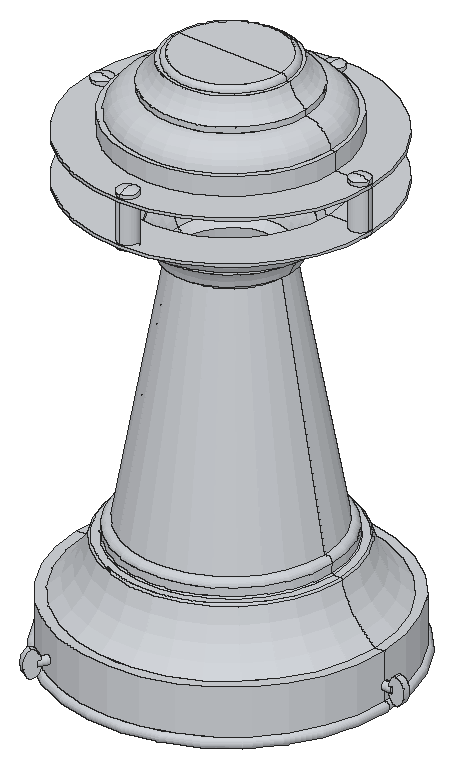
Revit family "FNP", category Generic Models, Revit 2024
Family settings
  Can host rebar = No
  Round Connector Dimension = Use Diameter
  Part Type = Normal
  Work Plane-Based = No
  Always vertical = Yes
  Cut with Voids When Loaded = No
  Maintain Annotation Orientation = No
  Shared = No
  Room Calculation Point = No
Parameters
  Default Elevation = 0' - 0"
Reference planes (in)
  plane 1 "Center (Front/Back)": y = 0
  plane 2: z = 0
  plane 3 "Center (Left/Right)": x = 0
Forms (in)
  Revolve 1, solid
    sketch origin (0, 0, 0) x (1, 0, 0) y (0, 0, 1)
      loop
        arc (2.82733, 34.18406) -> (2.41837, 34.59946) -> (2.18568, 35.13394) r 1.59753
        arc (2.18568, 35.13394) -> (2.17449, 35.15906) -> (2.15471, 35.17816) r 0.07211
        line (2.15471, 35.17816) -> (2.01306, 35.17816)
        arc (2.01306, 35.17816) -> (1.99549, 35.18544) -> (1.98821, 35.20302) r 0.02485
        line (1.98821, 35.20302) -> (1.98821, 35.35028)
        arc (1.98821, 35.35028) -> (1.94354, 35.44571) -> (1.84163, 35.47253) r 0.12426
        line (1.84163, 35.47253) -> (1.00336, 40.06484)
        arc (1.00336, 40.06484) -> (1.06592, 40.09848) -> (1.09053, 40.16512) r 0.10034
        line (1.09053, 40.16512) -> (1.16411, 40.16512)
        arc (1.16411, 40.16512) -> (1.27937, 40.38536) -> (1.46518, 40.55048) r 0.69011
        line (1.46518, 40.55048) -> (1.46518, 40.65539)
        arc (1.46518, 40.65539) -> (1.78742, 40.77981) -> (1.9659, 41.07554) r 0.53352
        line (1.9659, 41.07554) -> (2.06345, 41.07554) -> (2.06345, 41.41665) -> (2.76357, 41.41665) -> (2.76357, 41.46708) -> (1.93845, 41.46708) -> (1.93845, 41.10201) -> (1.84374, 41.10201)
        arc (1.84374, 41.10201) -> (1.70897, 40.87717) -> (1.46531, 40.78052) r 0.40852
        line (1.46531, 40.78052) -> (1.34018, 40.65539) -> (1.34018, 40.61708)
        arc (1.34018, 40.61708) -> (1.15949, 40.43368) -> (1.04501, 40.20308) r 0.81511
        line (1.04501, 40.20308) -> (0.90022, 40.05829) -> (1.74163, 35.44881) -> (1.86321, 35.35028) -> (1.86321, 35.20302)
        arc (1.86321, 35.20302) -> (1.93126, 35.07746) -> (2.0736, 35.06594) r 0.14985
        arc (2.0736, 35.06594) -> (2.33786, 34.49619) -> (2.78881, 34.05906) r 1.72253
        line (2.78881, 34.05906) -> (2.88873, 34.05906) -> (2.88873, 33.31274) -> (2.92053, 33.21954)
        arc (2.92053, 33.21954) -> (3.07963, 33.15364) -> (3.01373, 33.31274) r 0.0932
        line (3.01373, 33.31274) -> (3.01373, 34.18406) -> (2.82733, 34.18406)
      loop
        line (0.99781, 43.62635) -> (0, 43.62635) -> (0, 43.52549) -> (0.94314, 43.52549) -> (1.04501, 43.48753)
        arc (1.04501, 43.48753) -> (1.15949, 43.25693) -> (1.34018, 43.07353) r 0.81511
        line (1.34018, 43.07353) -> (1.34018, 43.03522) -> (1.46531, 42.91009)
        arc (1.46531, 42.91009) -> (1.70897, 42.81344) -> (1.84374, 42.5886) r 0.40852
        line (1.84374, 42.5886) -> (1.93845, 42.5886) -> (1.93845, 42.22353) -> (2.76357, 42.22353) -> (2.76357, 42.27396) -> (2.06345, 42.27396) -> (2.06345, 42.61507) -> (1.9659, 42.61507)
        arc (1.9659, 42.61507) -> (1.78742, 42.9108) -> (1.46518, 43.03522) r 0.53352
        line (1.46518, 43.03522) -> (1.46518, 43.14013)
        arc (1.46518, 43.14013) -> (1.27937, 43.30525) -> (1.16411, 43.52549) r 0.69011
        line (1.16411, 43.52549) -> (1.09053, 43.52549)
        arc (1.09053, 43.52549) -> (1.06406, 43.5942) -> (0.99781, 43.62635) r 0.10034
      axis (0, 43.62635) -> (0, 33.21954)
    angle from 0 to 360
  Extrusion 2, solid
    sketch origin (0, 0, -0.41703) x (1, 0, 0) y (0, 0, 1)
      loop
        spline (3.29024, 34.26277) -> (3.25142, 34.25425) -> (3.21524, 34.22928) -> (3.18418, 34.18955) -> (3.16034, 34.13777) -> (3.14536, 34.07748) -> (3.14024, 34.01277) -> (3.14536, 33.94807) -> (3.16034, 33.88777) -> (3.18418, 33.83599) -> (3.21524, 33.79627) -> (3.25142, 33.77129) -> (3.29024, 33.76277)
        spline (3.29024, 33.76277) -> (3.32907, 33.77129) -> (3.36524, 33.79627) -> (3.39631, 33.83599) -> (3.42015, 33.88777) -> (3.43513, 33.94807) -> (3.44024, 34.01277) -> (3.43513, 34.07748) -> (3.42015, 34.13777) -> (3.39631, 34.18955) -> (3.36524, 34.22928) -> (3.32907, 34.25425) -> (3.29024, 34.26277)
    from -0.0625 to 0.0625
  Revolve 3, solid
    sketch origin (0, 0, -0.41703) x (1, 0, 0) y (0, 0, 1)
      loop
        line (3.20515, 34.01277) -> (3.20515, 34.09644) -> (2.79413, 34.09644) -> (2.79413, 34.01277) -> (3.20515, 34.01277)
      axis (3.20515, 34.01277) -> (2.79413, 34.01277)
    angle from 0 to 360
  Extrusion 4, solid
    sketch origin (0.00293, 0.00507, -0.41703) x (-0.5, -0.866025, 0) y (0, 0, 1)
      loop
        spline (3.29024, 34.26277) -> (3.25142, 34.25425) -> (3.21524, 34.22928) -> (3.18418, 34.18955) -> (3.16034, 34.13777) -> (3.14536, 34.07748) -> (3.14024, 34.01277) -> (3.14536, 33.94807) -> (3.16034, 33.88777) -> (3.18418, 33.83599) -> (3.21524, 33.79627) -> (3.25142, 33.77129) -> (3.29024, 33.76277)
        spline (3.29024, 33.76277) -> (3.32907, 33.77129) -> (3.36524, 33.79627) -> (3.39631, 33.83599) -> (3.42015, 33.88777) -> (3.43513, 33.94807) -> (3.44024, 34.01277) -> (3.43513, 34.07748) -> (3.42015, 34.13777) -> (3.39631, 34.18955) -> (3.36524, 34.22928) -> (3.32907, 34.25425) -> (3.29024, 34.26277)
    from -0.0625 to 0.0625
  Revolve 5, solid
    sketch origin (0.00293, 0.00507, -0.41703) x (-0.5, -0.866025, 0) y (0, 0, 1)
      loop
        line (3.20515, 34.01277) -> (3.20515, 34.09644) -> (2.79413, 34.09644) -> (2.79413, 34.01277) -> (3.20515, 34.01277)
      axis (3.20515, 34.01277) -> (2.79413, 34.01277)
    angle from 0 to 360
  Extrusion 6, solid
    sketch origin (0.00293, -0.00507, -0.41703) x (-0.5, 0.866025, 0) y (0, 0, 1)
      loop
        spline (3.29024, 34.26277) -> (3.25142, 34.25425) -> (3.21524, 34.22928) -> (3.18418, 34.18955) -> (3.16034, 34.13777) -> (3.14536, 34.07748) -> (3.14024, 34.01277) -> (3.14536, 33.94807) -> (3.16034, 33.88777) -> (3.18418, 33.83599) -> (3.21524, 33.79627) -> (3.25142, 33.77129) -> (3.29024, 33.76277)
        spline (3.29024, 33.76277) -> (3.32907, 33.77129) -> (3.36524, 33.79627) -> (3.39631, 33.83599) -> (3.42015, 33.88777) -> (3.43513, 33.94807) -> (3.44024, 34.01277) -> (3.43513, 34.07748) -> (3.42015, 34.13777) -> (3.39631, 34.18955) -> (3.36524, 34.22928) -> (3.32907, 34.25425) -> (3.29024, 34.26277)
    from -0.0625 to 0.0625
  Revolve 7, solid
    sketch origin (0.00293, -0.00507, -0.41703) x (-0.5, 0.866025, 0) y (0, 0, 1)
      loop
        line (3.20515, 34.01277) -> (3.20515, 34.09644) -> (2.79413, 34.09644) -> (2.79413, 34.01277) -> (3.20515, 34.01277)
      axis (3.20515, 34.01277) -> (2.79413, 34.01277)
    angle from 0 to 360
  Revolve 8, solid
    sketch origin (0, 0, 0) x (1, 0, 0) y (0, 0, 1)
      loop
        arc (2.52603, 41.31817) -> (2.62236, 41.32934) -> (2.71357, 41.36228) r 0.42066
        line (2.71357, 41.36228) -> (2.71357, 42.33048)
        arc (2.71357, 42.33048) -> (2.62236, 42.36342) -> (2.52603, 42.3746) r 0.42066
        line (2.52603, 42.3746) -> (2.52603, 41.31817)
      axis (2.52603, 42.3746) -> (2.52603, 41.31817)
    angle from 0 to 360
  Revolve 9, solid
    sketch origin (0, 0.0039, 0) x (0, -1, 0) y (0, 0, 1)
      loop
        arc (2.52603, 41.31817) -> (2.62236, 41.32934) -> (2.71357, 41.36228) r 0.42066
        line (2.71357, 41.36228) -> (2.71357, 42.33048)
        arc (2.71357, 42.33048) -> (2.62236, 42.36342) -> (2.52603, 42.3746) r 0.42066
        line (2.52603, 42.3746) -> (2.52603, 41.31817)
      axis (2.52603, 42.3746) -> (2.52603, 41.31817)
    angle from 0 to 360
  Revolve 10, solid
    sketch origin (0, -0.0039, 0) x (0, 1, 0) y (0, 0, 1)
      loop
        arc (2.52603, 41.31817) -> (2.62236, 41.32934) -> (2.71357, 41.36228) r 0.42066
        line (2.71357, 41.36228) -> (2.71357, 42.33048)
        arc (2.71357, 42.33048) -> (2.62236, 42.36342) -> (2.52603, 42.3746) r 0.42066
        line (2.52603, 42.3746) -> (2.52603, 41.31817)
      axis (2.52603, 42.3746) -> (2.52603, 41.31817)
    angle from 0 to 360
  Revolve 11, solid
    sketch origin (0.0078, 0, 0) x (-1, 0, 0) y (0, 0, 1)
      loop
        arc (2.52603, 41.31817) -> (2.62236, 41.32934) -> (2.71357, 41.36228) r 0.42066
        line (2.71357, 41.36228) -> (2.71357, 42.33048)
        arc (2.71357, 42.33048) -> (2.62236, 42.36342) -> (2.52603, 42.3746) r 0.42066
        line (2.52603, 42.3746) -> (2.52603, 41.31817)
      axis (2.52603, 42.3746) -> (2.52603, 41.31817)
    angle from 0 to 360
Dimensions and locks (in)
  aligned and locked: plane 2 to level
